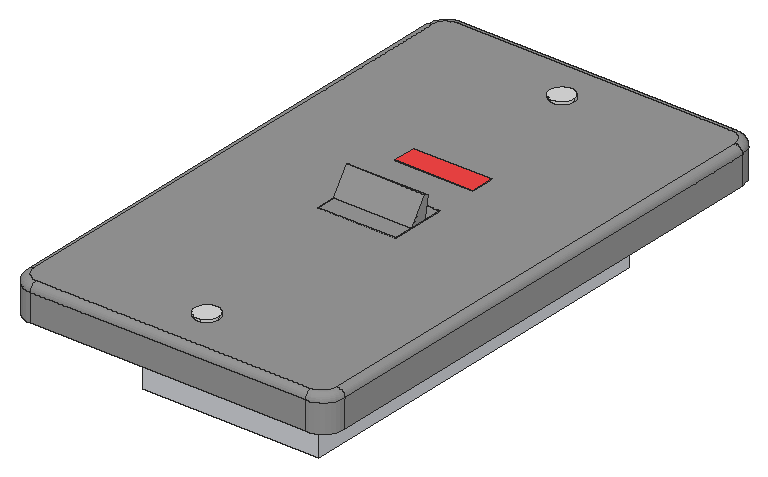
Revit family "ElectricalFixture_WiringAccessories_Hager_Sollysta_50ADoublePoleSwitches", category Electrical Fixtures, host Face, Revit 2015
Parameters (values of type "WMDP50VN")
  Warranty ID = ""
  Voltage (Volts) = "230V/240V"
  Unique Reference = "WMDP50VN"
  Type = "ElectricalFixture"
  Technical Description = Description  # "50ADoublePoleSwitch2GangVerticalwithLEDIndicator"
  Switch = yes
  Supply Phase = "1"
  Size = ""
  Single = no
  Shipping Weight kg = "0.188"
  Shape = "Rectangular"
  Reference Standard = "BS 1363-2"
  Product URL = "http://www.hager.co.uk/product-catalogue/wiring-accessories/sollysta/white-moulded/white-moulded-sockets/58428.htm"
  Product Range = "Sollysta"
  Product Model Number = "WMDP50VN"
  Product Literature = "http://www.hager.co.uk/product-catalogue/wiring-accessories/sollysta/38662.htm"
  Product Group = "WiringAccessories"
  Product Family = "WhiteMouldedSockets_50ADoublePoleSwitches"
  Packaging Recyclable = yes
  Overall Width = 0.0 mm
  Overall Length = 86.0 mm
  Overall Height = 146.0 mm
  Overall Depth = 26.07 mm
  Operation and Maintenance Manual = ""
  Name = "WhiteMouldedSocket_WMDP50VN"
  Measurement Units = "mm"
  Material = Urea Formaldehyde Thermoset Plastic
  Manufacturer Website = "http://www.hager.co.uk/"
  Manufacturer Country = "United Kingdom"
  Manufacturer = "Hager"
  LED Indicator Switch = yes
  Gross Weight kg = "0.165"
  Frequency = "50/60Hz"
  Finish = "Gloss"
  Features = Description  # "50ADoublePoleSwitch2GangVerticalwithLEDIndicator"
  Extrusion From Wall = 12.61 mm
  Expected Life = "25 years"
  EAN Code = "5015652260479"
  Double = yes
  Distance From Edge = 63.59 mm
  Distance From Centre = 22.393 mm
  Design Country = "China"
  Description = "50ADoublePoleSwitch2GangVerticalwithLEDIndicator"
  Default Elevation = 1219.2 mm
  Colour = "SollystaWhite"
  CE Approval = yes
Types (9, lengths in mm): name | Unique Reference | Technical Description | Single | Product Model Number | Product Family | Overall Height | Name | Features | EAN Code | Double | Description
  WMDP50N | "WMDP50N" | "50ADoublePoleSwitch1GangwithLEDIndicator" | yes | "WMDP50N" | "WhiteMouldedSockets_50ADoublePoleSwitches" | 86.0 | "WhiteMouldedSocket_WMDP50N" | "50ADoublePoleSwitch1GangwithLEDIndicator" | "5015652260325" | no | "50ADoublePoleSwitch1GangwithLEDIndicator"
  WMDP50N/CK | "WMDP50N/CK" | "50ADoublePoleSwitch1GangwithLEDIndicatorMarkedCooker" | yes | "WMDP50N/CK" | "WhiteMoldedSockets" | 86.0 | "WhiteMouldedSocket_WMDP50N/CK" | "50ADoublePoleSwitch1GangwithLEDIndicatorMarkedCooker" | "5015652260332" | no | "50ADoublePoleSwitch1GangwithLEDIndicatorMarkedCooker"
  WMDP50N/HB | "WMDP50N/HB" | "50ADoublePoleSwitch1GangwithLEDIndicatorMarkedHob" | yes | "WMDP50N/HB" | "WhiteMouldedSockets_50ADoublePoleSwitches" | 86.0 | "WhiteMouldedSocket_WMDP50N/CK" | "50ADoublePoleSwitch1GangwithLEDIndicatorMarkedHob" | "5015652260349" | no | "50ADoublePoleSwitch1GangwithLEDIndicatorMarkedHob"
  WMDP50N/OV | "WMDP50N/OV" | "50ADoublePoleSwitch1GangwithLEDIndicatorMarkedOven" | yes | "WMDP50N/OV" | "WhiteMouldedSockets_50ADoublePoleSwitches" | 86.0 | "WhiteMouldedSocket_WMDP50N/CK" | "50ADoublePoleSwitch1GangwithLEDIndicatorMarkedOven" | "5015652260356" | no | "50ADoublePoleSwitch1GangwithLEDIndicatorMarkedOven"
  WMDP50N/SH | "WMDP50N/SH" | "50ADoublePoleSwitch1GangwithLEDIndicatorMarkedShower" | yes | "WMDP50N/SH" | "WhiteMouldedSockets_50ADoublePoleSwitches" | 86.0 | "WhiteMouldedSocket_WMDP50N/SH" | "50ADoublePoleSwitch1GangwithLEDIndicatorMarkedShower" | "5015652260363" | no | "50ADoublePoleSwitch1GangwithLEDIndicatorMarkedShower"
  WMDP50VN | "WMDP50VN" | "50ADoublePoleSwitch2GangVerticalwithLEDIndicator" | no | "WMDP50VN" | "WhiteMouldedSockets_50ADoublePoleSwitches" | 146.0 | "WhiteMouldedSocket_WMDP50VN" | "50ADoublePoleSwitch2GangVerticalwithLEDIndicator" | "5015652260479" | yes | "50ADoublePoleSwitch2GangVerticalwithLEDIndicator"
  WMDP50VN/CK | "WMDP50VN/CK" | "50ADoublePoleSwitch2GangVerticalwithLEDIndicatorMarkedCooker" | no | "WMDP50VN/CK" | "WhiteMouldedSockets_50ADoublePoleSwitches" | 146.0 | "WhiteMouldedSocket_WMDP50VN/CK" | "50ADoublePoleSwitch2GangVerticalwithLEDIndicatorMarkedCooker" | "5015652260486" | yes | "50ADoublePoleSwitch2GangVerticalwithLEDIndicatorMarkedCooker"
  WMDP50VN/HB | "WMDP50VN/HB" | "50ADoublePoleSwitch2GangVerticalwithLEDIndicatorMarkedHob" | no | "WMDP50VN/HB" | "WhiteMouldedSockets_50ADoublePoleSwitches" | 146.0 | "WhiteMouldedSocket_WMDP50VN/HB" | "50ADoublePoleSwitch2GangVerticalwithLEDIndicatorMarkedHob" | "5015652260493" | yes | "50ADoublePoleSwitch2GangVerticalwithLEDIndicatorMarkedHob"
  WMDP50VN/OV | "WMDP50VN/OV" | "50ADoublePoleSwitch2GangVerticalwithLEDIndicatorMarkedOven" | no | "WMDP50VN/OV" | "WhiteMouldedSockets_50ADoublePoleSwitches" | 146.0 | "WhiteMouldedSocket_WMDP50VN/OV" | "50ADoublePoleSwitch2GangVerticalwithLEDIndicatorMarkedOven" | "5015652260509" | yes | "50ADoublePoleSwitch2GangVerticalwithLEDIndicatorMarkedOven"
Reference planes
  plane 1 "Center (Front/Back)": y = 0
  plane 2: z = 0
  plane 3 "Center (Left/Right)": x = 0
  plane 4: y = -73
  plane 5: y = 73
  plane 6: x = -73
  plane 7: x = 13
  plane 8: z = 9.47
  plane 9: z = -16.6
  plane 10: z = 12.61
  plane 11: y = -471.393
  plane 12: z = -20.53
  plane 13: x = -30
  plane 14: y = 16.633
  plane 15: y = 23
  plane 16: y = -60
  plane 17: y = 60
  plane 18: x = -60
Forms (mm)
  Extrusion 1, solid, material "Urea Formaldehyde Thermoset Plastic", detail levels fine
    sketch origin (0, 0, 0) x (1, 0, 0) y (0, 1, 0)
      loop
        arc (7.146, -73) -> (11.285, -71.285) -> (13, -67.146) r 5.854
        line (13, -67.146) -> (13, 67.146)
        arc (13, 67.146) -> (11.285, 71.285) -> (7.146, 73) r 5.854
        line (7.146, 73) -> (-67.146, 73)
        arc (-67.146, 73) -> (-71.285, 71.285) -> (-73, 67.146) r 5.854
        line (-73, 67.146) -> (-73, -67.146)
        arc (-73, -67.146) -> (-71.285, -71.285) -> (-67.146, -73) r 5.854
        line (-67.146, -73) -> (7.146, -73)
      loop
        line (-40.459, -9.37) -> (-19.471, -9.37) -> (-19.471, 5.738) -> (-40.459, 5.738) -> (-40.459, -9.37)
    from 0 to 9.47
  Sweep 2, void
    path origin (0, 0, 0) x (1, 0, 0) y (0, 1, 0)
      loop
        arc (7.146, -73) -> (11.285, -71.285) -> (13, -67.146) r 5.854
        line (13, -67.146) -> (13, 67.146)
        arc (13, 67.146) -> (11.285, 71.285) -> (7.146, 73) r 5.854
        line (7.146, 73) -> (-67.146, 73)
        arc (-67.146, 73) -> (-71.285, 71.285) -> (-73, 67.146) r 5.854
        line (-73, 67.146) -> (-73, -67.146)
        arc (-73, -67.146) -> (-71.285, -71.285) -> (-67.146, -73) r 5.854
        line (-67.146, -73) -> (7.146, -73)
    profile origin (-30, -73, 0) x (0, -1, 0) y (0, 0, 1)
      loop
        line (0, 9.47) -> (-2, 9.47)
        arc (-2, 9.47) -> (-0.586, 8.884) -> (0, 7.47) r 2
        line (0, 7.47) -> (0, 9.47)
  Extrusion 3, solid, material "Urea Formaldehyde Thermoset Plastic", detail levels medium
    sketch origin (0, 0, 0) x (1, 0, 0) y (0, 1, 0)
      loop
        line (-73, 73) -> (-73, -73) -> (13, -73) -> (13, 73) -> (-73, 73)
    from 0 to 9.47
  Extrusion 4, solid, material "Urea Formaldehyde Thermoset Plastic", detail levels fine
    sketch origin (0, -41.313, -17.164) x (0, 0.891007, -0.45399) y (0, 0.45399, 0.891007)
      loop
        line (20.991, 39.437) -> (25.918, 39.437) -> (23.567, 48.213) -> (22.381, 48.213) -> (20.991, 39.437)
    from -40.459 to -19.471
  Extrusion 5, solid, material "Urea Formaldehyde Thermoset Plastic", detail levels fine
    sketch origin (0, 0, 0) x (1, 0, 0) y (0, 1, 0)
      loop
        line (-40.459, -9.37) -> (-19.471, -9.37) -> (-19.471, 5.738) -> (-40.459, 5.738) -> (-40.459, -9.37)
    from 6.208 to 9.47
  Extrusion 6, solid, material "LED Indicator", visible <- "LED Indicator Switch", detail levels fine
    sketch origin (-29.405, -4.712, 0) x (1, 0, 0) y (0, 1, 0)
      loop
        line (-11.054, 21.345) -> (9.934, 21.345) -> (9.934, 27.712) -> (-11.054, 27.712) -> (-11.054, 21.345)
    from 0 to 9.5
  Extrusion 7, solid, material "Steel, Chrome Plated", visible <- "Single", detail levels fine
    sketch origin (-60, 0, 0) x (-1, 0, 0) y (0, -1, 0)
      loop
        circle (0, 0) r 3.228
    from 0 to 10
  Extrusion 8, solid, material "Steel, Chrome Plated", visible <- "Double", detail levels fine
    sketch origin (-35.909, 31.361, 0) x (-1, 0, 0) y (0, -1, 0)
      loop
        circle (-5.909, -28.639) r 3.228
    from 0 to 10
  Extrusion 9, solid, material "Steel, Chrome Plated", visible <- "Double", detail levels fine
    sketch origin (-35.909, -31.361, 0) x (-1, 0, 0) y (0, -1, 0)
      loop
        circle (-5.909, 28.639) r 3.228
    from 0 to 10
  Extrusion 10, solid, material "Steel, Chrome Plated", visible <- "Single", detail levels fine
    sketch origin (0, 0, 0) x (1, 0, 0) y (0, 1, 0)
      loop
        circle (0, 0) r 3.228
    from 0 to 10
  Extrusion 11, solid, detail levels medium+fine
    sketch origin (0, 0, 0) x (1, 0, 0) y (0, 1, 0)
      loop
        line (-53.699, -51.781) -> (-6.401, -51.781) -> (-6.401, 53.219) -> (-53.699, 53.219) -> (-53.699, -51.781)
    from -20.53 to 0
Cuts and joins
  Sweep 2 cuts Extrusion 1
Lines and regions (mm)
  symbolic lines, style "ElectricalFixtures", not visible, detail levels coarse
    curve 1: line (73.42, -504.912, 19.451) -> (3.42, -504.912, 19.451)
    curve 2: arc (73.42, -504.912, 19.451) -> (38.42, -504.912, 54.451) -> (3.42, -504.912, 19.451) r 35
    curve 3: circle (38.42, -504.912, 54.451) r 6 normal (0, 1, 0)
    curve 4: line (38.42, -504.912, 54.451) -> (38.42, -504.912, 99.451)
    curve 5: line (38.42, -504.912, 99.451) -> (68.42, -504.912, 99.451)
    curve 6: line (38.42, -504.912, 54.451) -> (10.78, -504.912, 87.391)
    curve 7: line (10.78, -504.912, 87.391) -> (-3.315, -504.912, 75.564)
    curve 8: line (0.509, -504.912, 19.451) -> (-69.491, -504.912, 19.451)
    curve 9: arc (0.509, -504.912, 19.451) -> (-34.491, -504.912, 54.451) -> (-69.491, -504.912, 19.451) r 35
    curve 10: circle (-34.491, -504.912, 54.451) r 6 normal (0, 1, 0)
    curve 11: line (-34.491, -504.912, 54.451) -> (-34.491, -504.912, 99.451)
    curve 12: line (-34.491, -504.912, 99.451) -> (-4.491, -504.912, 99.451)
    curve 13: line (-34.491, -504.912, 54.451) -> (-62.13, -504.912, 87.391)
    curve 14: line (-62.13, -504.912, 87.391) -> (-76.226, -504.912, 75.564)
  model lines
    curve 15: line (-73, 67.146, 0) -> (-73, -67.146, 0)
    curve 16: line (-67.146, -73, 0) -> (7.146, -73, 0)
    curve 17: arc (-73, -67.146, 0) -> (-71.285, -71.285, 0) -> (-67.146, -73, 0) r 5.854
    curve 18: arc (-67.146, 73, 0) -> (-71.285, 71.285, 0) -> (-73, 67.146, 0) r 5.854
    curve 19: line (7.146, 73, 0) -> (-67.146, 73, 0)
    curve 20: arc (13, 67.146, 0) -> (11.285, 71.285, 0) -> (7.146, 73, 0) r 5.854
    curve 21: line (13, -67.146, 0) -> (13, 67.146, 0)
    curve 22: arc (7.146, -73, 0) -> (11.285, -71.285, 0) -> (13, -67.146, 0) r 5.854
    curve 23: line (-40.459, 16.633, 0) -> (-19.471, 16.633, 0)
    curve 24: line (-19.471, 16.633, 0) -> (-19.471, 23, 0)
    curve 25: line (-19.471, 23, 0) -> (-40.459, 23, 0)
    curve 26: line (-40.459, 23, 0) -> (-40.459, 16.633, 0)
    curve 27: line (-40.459, -9.37, 0) -> (-19.471, -9.37, 0)
    curve 28: line (-19.471, -9.37, 0) -> (-19.471, 5.738, 0)
    curve 29: line (-19.471, 5.738, 0) -> (-40.459, 5.738, 0)
    curve 30: line (-40.459, 5.738, 0) -> (-40.459, -9.37, 0)
    curve 31: line (-40.459, -4.706, 0) -> (-19.471, -4.706, 0)
    curve 32: line (-19.471, -0.316, 0) -> (-40.459, -0.316, 0)
  model lines, visible <- "Single"
    curve 33: arc (-63.228, 0, 0) -> (-60, -3.228, 0) -> (-56.772, 0, 0) r 3.228
    curve 34: arc (-56.772, 0, 0) -> (-60, 3.228, 0) -> (-63.228, 0, 0) r 3.228
    curve 35: arc (-3.228, 0, 0) -> (0, -3.228, 0) -> (3.228, 0, 0) r 3.228
    curve 36: arc (3.228, 0, 0) -> (0, 3.228, 0) -> (-3.228, 0, 0) r 3.228
  model lines, visible <- "Double"
    curve 37: arc (-26.772, -60, 0) -> (-30, -56.772, 0) -> (-33.228, -60, 0) r 3.228
    curve 38: arc (-33.228, -60, 0) -> (-30, -63.228, 0) -> (-26.772, -60, 0) r 3.228
    curve 39: arc (-33.228, 60, 0) -> (-30, 56.772, 0) -> (-26.772, 60, 0) r 3.228
    curve 40: arc (-26.772, 60, 0) -> (-30, 63.228, 0) -> (-33.228, 60, 0) r 3.228
  symbolic lines, style "ElectricalFixtures", detail levels coarse
    curve 41: circle (15.566, -504.912, 18.156) r 13.061 normal (0, -1, 0)
    curve 42: line (2.511, -504.912, 18.553) -> (-79.7, -504.912, 18.553)
Dimensions and locks
  plane 10 to plane 9 = 29.21 mm
  plane 8 to plane 9 = 26.07 mm
  plane 2 to plane 9 = 16.6 mm
  "Overall Length": plane 6 to plane 7
  "Overall Height": plane 4 to plane 5
  "Overall Depth": plane 9 to plane 8
  "Extrusion From Wall": plane 2 to plane 10
  plane 8 to plane 12 = 30.0 mm
  equal spacing: plane 4, plane 1 "Center (Front/Back)", plane 5
  locked: plane 1 "Center (Front/Back)" to plane 14 at 16.633
  locked: plane 17 to plane 5 at 13
  locked: plane 4 to plane 16 at 13
  aligned and locked: plane 2 to host face
  aligned and locked: level to host face
  aligned and locked: Extrusion 1 sketch curve to plane 4
  aligned and locked: Extrusion 1 sketch curve to plane 7
  aligned and locked: Extrusion 1 sketch curve to plane 5
  aligned and locked: Extrusion 1 sketch curve to plane 6
  aligned and locked: Extrusion 1 to plane 8
  aligned and locked: Sweep 2 sketch curve to plane 4
  aligned and locked: Sweep 2 sketch curve to plane 6
  aligned and locked: Sweep 2 sketch curve to plane 5
  aligned and locked: Sweep 2 sketch curve to plane 7
  aligned and locked: curve 17 to cut or joined group of Extrusion 1, Sweep 2
  aligned and locked: curve 18 to cut or joined group of Extrusion 1, Sweep 2
  aligned and locked: curve 20 to cut or joined group of Extrusion 1, Sweep 2
  aligned and locked: curve 22 to cut or joined group of Extrusion 1, Sweep 2
  aligned and locked: Extrusion 3 sketch curve to plane 6
  aligned and locked: Extrusion 3 sketch curve to plane 4
  aligned and locked: Extrusion 3 sketch curve to plane 7
  aligned and locked: Extrusion 3 sketch curve to plane 5
  aligned and locked: Extrusion 3 to plane 8
  aligned and locked: Extrusion 3 to level
  aligned and locked: Extrusion 4 to cut or joined group of Extrusion 1, Sweep 2  (x2)
  aligned and locked: Extrusion 5 sketch curve to cut or joined group of Extrusion 1, Sweep 2  (x3)
  aligned and locked: Extrusion 1 to Extrusion 5
  aligned and locked: Extrusion 6 to curve 24
  aligned and locked: curve 26 to Extrusion 6
  aligned and locked: curve 27 to Extrusion 5
  aligned and locked: curve 28 to Extrusion 5
  aligned and locked: curve 29 to Extrusion 5
  aligned and locked: curve 30 to Extrusion 5
  aligned and locked: curve 31 to Extrusion 4
  aligned and locked: curve 32 to Extrusion 4
  aligned and locked: plane 15 to curve 25
  aligned and locked: plane 15 to Extrusion 6
  aligned and locked: Extrusion 6 to plane 14
  aligned and locked: curve 23 to plane 14
  aligned and locked: plane 13 to Extrusion 8 sketch curve
  aligned and locked: plane 17 to Extrusion 8 sketch curve
  aligned and locked: plane 16 to Extrusion 9 sketch curve
  aligned and locked: plane 13 to Extrusion 9 sketch curve
  aligned and locked: plane 18 to Extrusion 7 sketch curve
  aligned and locked: plane 1 "Center (Front/Back)" to Extrusion 7 sketch curve
  aligned and locked: plane 3 "Center (Left/Right)" to Extrusion 10 sketch curve
  aligned and locked: plane 1 "Center (Front/Back)" to Extrusion 10 sketch curve
  aligned and locked: curve 33 to Extrusion 7
  aligned and locked: curve 34 to Extrusion 7
  aligned and locked: curve 35 to Extrusion 10
  aligned and locked: curve 36 to Extrusion 10
  aligned and locked: curve 37 to Extrusion 9
  aligned and locked: curve 38 to Extrusion 9
  aligned and locked: curve 39 to Extrusion 8
  aligned and locked: curve 40 to Extrusion 8
  aligned and locked: plane 12 to Extrusion 11
  aligned and locked: level to Extrusion 11
Automatic sketch dimensions
  host sketch curve to host sketch curve = 2438.4 mm  (x2)
  plane 6 to Extrusion 1 sketch curve = 5.854 mm  (x2)
  Extrusion 1 sketch curve to plane 13 = 10.459 mm
  plane 13 to Extrusion 1 sketch curve = 10.529 mm
  Extrusion 1 sketch curve to plane 4 = 5.854 mm
  plane 5 to Extrusion 1 sketch curve = 5.854 mm
  plane 1 "Center (Front/Back)" to Extrusion 1 sketch curve = 9.37 mm
  Extrusion 1 sketch curve to plane 1 "Center (Front/Back)" = 5.738 mm
  plane 6 to Sweep 2 sketch curve = 5.854 mm  (x2)
  Sweep 2 sketch curve to Sweep 2 sketch curve = 5.854 mm
  Sweep 2 sketch curve to plane 7 = 5.854 mm
  Sweep 2 sketch curve to profile plane = 0.0 mm
  Sweep 2 sketch curve to Sweep 2 sketch curve = 2.0 mm
  level to Sweep 2 sketch curve = 7.47 mm
  plane 8 to Extrusion 4 sketch curve = 1.025 mm
  plane 1 "Center (Front/Back)" to Extrusion 4 sketch curve = 4.706 mm
  Extrusion 4 sketch curve to Extrusion 4 sketch curve = 1.39 mm
  Extrusion 4 sketch curve to Extrusion 4 sketch curve = 1.186 mm
  Extrusion 4 sketch curve to Extrusion 4 sketch curve = 4.928 mm
  Extrusion 4 sketch curve to Extrusion 4 sketch curve = 8.775 mm
  plane 1 "Center (Front/Back)" to Extrusion 5 sketch curve = 9.37 mm
  Extrusion 6 sketch curve to plane 14 = 0.0 mm
  Extrusion 6 sketch curve to plane 15 = 0.0 mm
  Extrusion 6 sketch curve to plane 13 = 10.459 mm
  plane 13 to Extrusion 6 sketch curve = 10.529 mm
  Extrusion 7 sketch curve to plane 18 = 3.228 mm
  Extrusion 8 sketch curve to Extrusion 8 sketch curve = 3.228 mm
  Extrusion 9 sketch curve to Extrusion 9 sketch curve = 3.228 mm
  Extrusion 10 sketch curve to plane 3 "Center (Left/Right)" = 3.228 mm
  plane 18 to Extrusion 11 sketch curve = 6.301 mm
  Extrusion 11 sketch curve to plane 3 "Center (Left/Right)" = 6.401 mm
  Extrusion 11 sketch curve to plane 16 = 8.219 mm
  plane 17 to Extrusion 11 sketch curve = 6.781 mm
  plane 7 to curve 41 = 2.566 mm
  curve 41 to plane 10 = 5.546 mm
  plane 3 "Center (Left/Right)" to curve 42 = 2.511 mm
  curve 42 to plane 6 = 6.7 mm
  curve 42 to plane 10 = 5.943 mm
Nested families
  nested 1: "LED Switch" at (115.776, 36.364, 0), type "LED Switch"
  nested 2: "LED Switch" at (-1946.613, 203, 0), type "LED Switch"
Connectors
  electrical at (-30, 0, 0)
    settings: on cut or joined group of Extrusion 1, Sweep 2, index 1, voltage 230 V, apparent load 0 VA, apparent load phase1 0 VA, apparent load phase2 0 VA, apparent load phase3 0 VA, power factor 1, load classification "Other", number of poles 1, system type 31, power factor state 1, is connector primary yes, connector utility no, sub classification motor no, connector description ""
Definition of nested family "LED Switch"
  Parameters (values of type "LED Switch")
    LED Indicator Switch = no
  Reference planes
    plane 1 "Center (Front/Back)": y = 0
    plane 2: z = 0
    plane 3 "Center (Left/Right)": x = 0
  Forms (mm)
    Extrusion 1, solid, visible <- "LED Indicator Switch", detail levels fine
      sketch origin (-4.952, -17.415, 4.745) x (-1, 0, 0) y (0, -0.987688, 0.156434)
        loop
          line (-2.778, -29.269) -> (-7.654, -29.269) -> (-7.654, -32.25) -> (-2.778, -32.25) -> (-2.778, -29.269)
      from 0 to 8.633
    Extrusion 2, solid, visible <- "LED Indicator Switch", detail levels fine
      sketch origin (-74.952, -18.168, 4.067) x (-1, 0, 0) y (0, -0.987688, 0.156434)
        loop
          line (-82.054, -8.53) -> (-82.054, -29.653)
          arc (-82.054, -29.653) -> (-81.106, -31.94) -> (-78.819, -32.888) r 3.235
          line (-78.819, -32.888) -> (-77.654, -32.888) -> (-77.654, -29.907) -> (-75.259, -29.907) -> (-72.778, -29.907) -> (-72.778, -32.888) -> (-71.698, -32.888)
          arc (-71.698, -32.888) -> (-69.359, -31.919) -> (-68.39, -29.58) r 3.308
          line (-68.39, -29.58) -> (-68.39, -8.616)
          arc (-68.39, -8.616) -> (-69.351, -6.296) -> (-71.671, -5.335) r 3.281
          line (-71.671, -5.335) -> (-78.859, -5.335)
          arc (-78.859, -5.335) -> (-81.118, -6.271) -> (-82.054, -8.53) r 3.194
      from 0 to 9.42
  Dimensions and locks
    aligned and locked: level to plane 2
